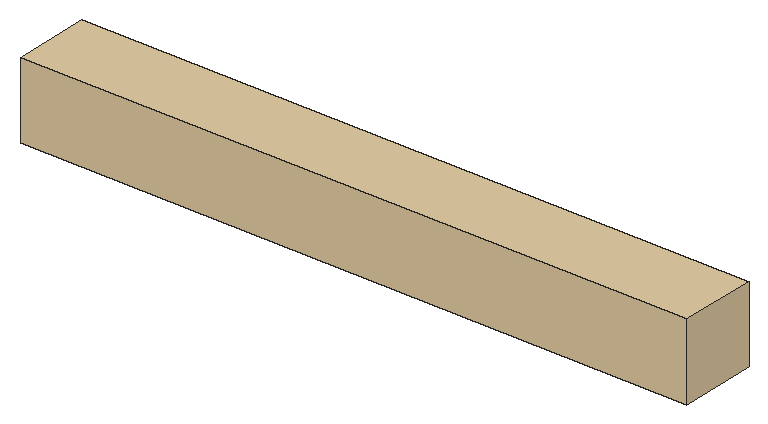
Revit family "4c7aeb9f3f424f30b680a615ecd98747", category Structural Framing, Revit 2021
Family settings
  Structural Framing Length Roundoff = 0' - 0"
  Section Shape = Not Defined
  Material for Model Behavior = Wood
  Always export as geometry = No
  OmniClass Number = 23.25.30.11.14.14
  OmniClass Title = Beams
  Seek Item ID = Timber-0000-USA-ENU
  Always vertical = Yes
  Cut with Voids When Loaded = No
  Symbolic Representation = From Project Settings
  Shared = No
  Show family pre-cut in plan views = Yes
Parameters (values of type "6x6")
  Structural Material [instance] = Softwood, Lumber
  A = 30.25 in²
  Assembly Code = "B10"
  Length [instance] = 5' - 0"
  b = 0' - 5 1/2"
  d = 0' - 5 1/2"
Types (2): name | A | b | d
  6x6 | 30.25 in² | 0' - 5 1/2" | 0' - 5 1/2"
  8x10 | 71.25 in² | 0' - 7 1/2" | 0' - 9 1/2"
Reference planes (in)
  plane 1 "Center (Front/Back)": y = 0
  plane 2: z = 0
  plane 3 "Center (Left/Right)": x = 0.1815
  plane 4 "Member Left": x = -23.8185
  plane 5 "Member Right": x = 24.1815
  plane 6: y = 2.75
  plane 7: y = -2.75
  plane 8: z = 2.75
  plane 9: z = -2.75
  plane 10 "Left": x = -29.8185
  plane 11 "Stick Symbol Left": x = -17.8185
  plane 12 "Stick Symbol Right": x = 18.1815
  plane 13 "Right": x = 30.1815
Forms (in)
  Sweep 1, solid, material "Softwood, Lumber" <- "Structural Material", detail levels medium+fine
    path origin (0, 0, 0) x (1, 0, 0) y (0, 1, 0)
      loop
        line (24.1815, 0) -> (-23.8185, 0)
    profile "Rectangular Wood Beam-Profile : Rectangular Wood Beam-Profile" origin (0.1815, 0, 0) x (0, -1, 0) y (0, 0, 1)
      loop
        line (-2.75, -2.75) -> (2.75, -2.75) -> (2.75, 2.75) -> (-2.75, 2.75) -> (-2.75, -2.75)
Lines and regions (in)
  symbolic lines, style "Stick Symbols", detail levels coarse
    curve 1: line (0.1815, 2.75, 2.75) -> (0.1815, -2.75, 2.75)
    curve 2: line (0.1815, -2.75, -2.75) -> (0.1815, 2.75, -2.75)
    curve 3: line (0.1815, -2.75, 2.75) -> (0.1815, -2.75, -2.75)
    curve 4: line (0.1815, 2.75, -2.75) -> (0.1815, 2.75, 2.75)
Dimensions and locks (in)
  "b": plane 6 to plane 7
  "d": plane 9 to plane 8
  equal spacing: plane 9, plane 2, plane 8
  equal spacing: plane 6, plane 1 "Center (Front/Back)", plane 7
  "Length": plane 10 "Left" to plane 13 "Right"
  aligned and locked: Sweep 1 sketch curve to plane 1 "Center (Front/Back)"
  aligned and locked: curve 1 to Sweep 1
  aligned and locked: curve 2 to Sweep 1
  aligned and locked: curve 3 to Sweep 1
  aligned and locked: curve 4 to Sweep 1
  aligned and locked: plane 4 "Member Left" to Sweep 1 sketch curve
  aligned and locked: plane 5 "Member Right" to Sweep 1 sketch curve
